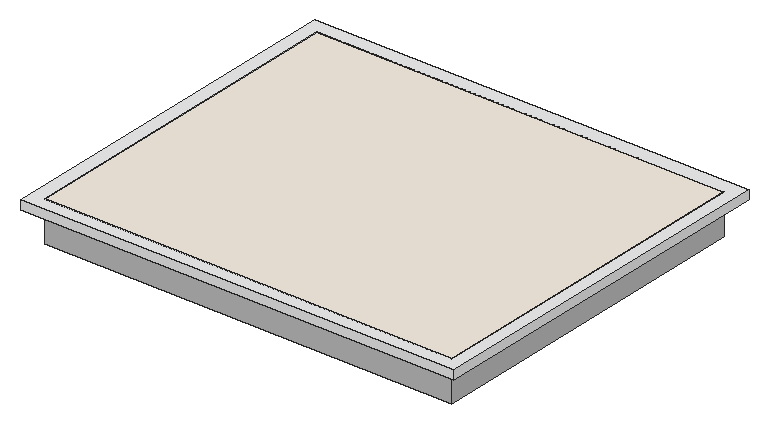
Revit family "Lighting-Industrial-GEWISS-ELIA-HL-LED_HIGHBAY", category Apparecchi per illuminazione, host Superficie, Revit 2019 (continued)
Types (12, lengths in mm): name | Weight (kg): | Weight (kg) | Voltage | Technical sheet | System power | Optic | built-in parameter 1150142 | Lumen output (lm) | Model | IDT | File diagramma fotometrico | Description
    09.03 569.08 531.25 495.72 461.89 429.42 398.39 368.73 \r\n340.25 313.14 287.05 261.20 236.47 213.52 191.84 171.45 \r\n152.32 134.63 118.17 102.77 88.40 74.87 62.33 50.81 40.41 \r\n31.11 23.21 17.09 12.44 9.16 7.02 5.71 5.34 \r\n4943.60 4943.60 4944.45 4944.45 4946.15 4947.00 4948.70 \r\n4950.40 4952.10 4953.80 4955.50 4958.90 4962.30 4964.85 \r\n4968.25 4972.50 4976.75 4981.00 4985.25 4990.35 4994.60 \r\n4999.70 5005.65 5010.75 5015.85 5020.95 5026.05 5031.15 \r\n5036.25 5041.35 5046.45 5052.40 5057.50 5063.45 5069.40 \r\n5075.35 5081.30 5087.25 5094.05 5099.15 5105.95 5112.75 \r\n5118.70 5125.50 5132.30 5138.25 5145.90 5152.70 5160.35 \r\n5167.15 5174.80 5182.45 5189.25 5196.05 5203.70 5210.50 \r\n5217.30 5223.25 5230.05 5235.15 5239.40 5244.50 5247.90 \r\n5251.30 5253.85 5254.70 5256.40 5256.40 5255.55 5254.70 \r\n5253.00 5250.45 5247.05 5242.80 5237.70 5230.90 5223.25 \r\n5213.90 5203.70 5191.80 5179.90 5165.45 5150.15 5134.00 \r\n5117.00 5099.15 5078.75 5057.50 5035.40 5010.75 4985.25 \r\n4957.20 4925.75 4893.45 4856.05 4812.70 4762.55 4708.15 \r\n4648.65 4583.20 4514.35 4443.80 4371.55 4296.75 4217.70 \r\n4132.70 4042.60 3947.40 3844.55 3736.60 3624.40 3511.35 \r\n3399.15 3288.65 3180.70 3073.60 2969.90 2870.45 2771.00 \r\n2672.40 2573.80 2477.75 2383.40 2292.45 2202.35 2114.80 \r\n2028.10 1943.10 1859.80 1778.20 1698.98 1621.29 1546.15 \r\n1472.71 1401.82 1335.01 1269.98 1204.88 1140.95 1079.59 \r\n1019.58 959.91 901.85 846.60 793.73 743.50 695.98 651.44 \r\n609.37 569.33 531.50 495.81 461.98 429.59 398.56 368.90 \r\n340.42 313.14 286.96 261.20 236.55 213.60 192.01 171.67 \r\n152.52 134.90 118.46 102.99 88.53 75.00 62.47 50.92 40.49 \r\n31.21 23.32 17.18 12.50 9.22 7.07 5.75 5.34 \r\n4943.60 4943.60 4944.45 4944.45 4946.15 4947.00 4947.85 \r\n4950.40 4952.10 4953.80 4956.35 4958.90 4962.30 4964.85 \r\n4969.10 4972.50 4976.75 4981.85 4986.10 4990.35 4996.30 \r\n5000.55 5005.65 5010.75 5015.85 5020.95 5026.05 5031.15 \r\n5036.25 5041.35 5047.30 5052.40 5058.35 5063.45 5069.40 \r\n5075.35 5081.30 5088.10 5094.05 5100.00 5105.95 5112.75 \r\n5119.55 5125.50 5132.30 5139.10 5146.75 5153.55 5161.20 \r\n5168.85 5176.50 5183.30 5190.95 5197.75 5204.55 5211.35 \r\n5218.15 5224.95 5230.90 5236.00 5241.10 5245.35 5248.75 \r\n5252.15 5254.70 5256.40 5256.40 5256.40 5256.40 5255.55 \r\n5253.85 5251.30 5247.90 5243.65 5238.55 5231.75 5224.10 \r\n5214.75 5203.70 5192.65 5179.90 5166.30 5151.00 5134.85 \r\n5117.85 5100.00 5079.60 5058.35 5036.25 5012.45 4986.95 \r\n4958.90 4927.45 4895.15 4856.90 4812.70 4763.40 4707.30 \r\n4647.80 4582.35 4513.50 4442.95 4370.70 4295.90 4217.70 \r\n4132.70 4042.60 3946.55 3844.55 3735.75 3623.55 3510.50 \r\n3397.45 3288.65 3180.70 3074.45 2969.90 2869.60 2771.00 \r\n2671.55 2573.80 2477.75 2384.25 2292.45 2203.20 2114.80 \r\n2028.10 1943.10 1859.80 1778.20 1698.56 1621.63 1546.66 \r\n1473.98 1403.69 1336.88 1271.69 1205.98 1141.55 1079.92 \r\n1019.75 959.99 901.93 846.68 793.99 743.75 696.24 651.70 \r\n609.62 569.50 531.59 495.89 461.98 429.67 398.82 368.98 \r\n340.51 313.14 286.88 261.20 236.64 213.77 192.19 171.79 \r\n152.70 135.13 118.73 103.19 88.63 75.11 62.61 51.03 40.57 \r\n31.31 23.44 17.27 12.57 9.28 7.12 5.78 5.35 \r\n4943.60 4943.60 4944.45 4945.30 4946.15 4946.15 4947.85 \r\n4949.55 4952.10 4953.80 4956.35 4958.90 4962.30 4964.85 \r\n4969.10 4973.35 4976.75 4981.85 4986.10 4991.20 4996.30 \r\n5001.40 5006.50 5011.60 5017.55 5022.65 5026.90 5032.00 \r\n5037.10 5043.05 5048.15 5053.25 5059.20 5063.45 5069.40 \r\n5075.35 5082.15 5088.10 5094.05 5100.85 5105.95 5112.75 \r\n5119.55 5126.35 5132.30 5139.10 5146.75 5155.25 5162.05 \r\n5169.70 5177.35 5185.00 5191.80 5199.45 5206.25 5213.05 \r\n5220.70 5226.65 5232.60 5236.85 5241.95 5247.05 5250.45 \r\n5253.85 5255.55 5256.40 5258.10 5258.10 5258.10 5256.40 \r\n5254.70 5253.00 5248.75 5243.65 5238.55 5232.60 5224.95 \r\n5214.75 5203.70 5192.65 5180.75 5166.30 5151.85 5134.85 \r\n5117.85 5100.85 5080.45 5059.20 5037.10 5013.30 4986.95 \r\n4959.75 4928.30 4896.00 4857.75 4812.70 4762.55 4708.15 \r\n4646.95 4581.50 4512.65 4441.25 4369.85 4295.05 4216.85 \r\n4132.70 4041.75 3946.55 3844.55 3734.90 3622.70 3509.65 \r\n3396.60 3286.95 3180.70 3074.45 2970.75 2869.60 2771.00 \r\n2672.40 2574.65 2477.75 2384.25 2292.45 2203.20 2114.80 \r\n2028.10 1943.10 1859.80 1779.05 1698.98 1621.88 1547.26 \r\n1475.26 1405.73 1338.75 1273.13 1206.83 1141.89 1080.10 \r\n1019.91 959.99 901.93 846.68 793.99 743.84 696.49 651.95 \r\n609.79 569.67 531.67 495.89 461.98 429.76 398.99 369.15 \r\n340.51 313.06 286.62 261.04 236.73 213.77 192.27 171.87 \r\n152.83 135.32 118.96 103.33 88.71 75.20 62.72 51.12 40.63 \r\n31.40 23.55 17.37 12.63 9.33 7.17 5.80 5.35 \r\n4943.60 4943.60 4944.45 4945.30 4946.15 4947.00 4947.85 \r\n4949.55 4952.10 4953.80 4956.35 4958.90 4962.30 4964.85 \r\n4969.10 4973.35 4976.75 4981.85 4986.95 4991.20 4996.30 \r\n5001.40 5006.50 5012.45 5017.55 5022.65 5027.75 5032.85 \r\n5037.95 5043.05 5048.15 5053.25 5059.20 5065.15 5069.40 \r\n5076.20 5082.15 5088.10 5094.05 5100.85 5106.80 5112.75 \r\n5119.55 5126.35 5133.15 5140.80 5147.60 5155.25 5162.90 \r\n5170.55 5177.35 5185.85 5193.50 5200.30 5207.10 5214.75 \r\n5221.55 5228.35 5233.45 5238.55 5242.80 5247.90 5251.30 \r\n5253.85 5255.55 5258.10 5258.10 5258.95 5258.10 5257.25 \r\n5255.55 5253.00 5249.60 5245.35 5239.40 5232.60 5224.10 \r\n5215.60 5204.55 5193.50 5181.60 5167.15 5151.00 5135.70 \r\n5118.70 5100.85 5081.30 5060.05 5037.95 5013.30 4987.80 \r\n4961.45 4930.00 4896.85 4858.60 4813.55 4763.40 4707.30 \r\n4646.10 4579.80 4510.95 4440.40 4369.00 4295.05 4216.85 \r\n4132.70 4041.75 3945.70 3843.70 3734.05 3621.85 3507.95 \r\n3396.60 3286.95 3180.70 3074.45 2970.75 2870.45 2771.00 \r\n2672.40 2574.65 2478.60 2384.25 2292.45 2202.35 2114.80 \r\n2028.95 1943.95 1860.65 1779.05 1699.06 1622.14 1547.77 \r\n1476.45 1407.43 1340.45 1274.40 1207.68 1142.14 1080.10 \r\n1019.91 959.91 901.68 846.51 793.90 743.84 696.41 651.87 \r\n609.88 569.67 531.67 495.81 461.89 429.76 399.08 369.24 \r\n340.51 312.88 286.45 260.95 236.64 213.77 192.27 171.96 \r\n152.91 135.47 119.15 103.45 88.74 75.26 62.81 51.19 40.68 \r\n31.48 23.67 17.46 12.69 9.38 7.20 5.83 5.36 \r\n4943.60 4943.60 4944.45 4945.30 4946.15 4947.00 4947.85 \r\n4949.55 4952.10 4953.80 4956.35 4958.90 4962.30 4965.70 \r\n4969.10 4973.35 4976.75 4981.85 4986.95 4992.05 4996.30 \r\n5001.40 5007.35 5012.45 5017.55 5022.65 5027.75 5032.85 \r\n5038.80 5043.05 5048.15 5054.10 5059.20 5065.15 5070.25 \r\n5076.20 5082.15 5088.10 5094.05 5100.85 5106.80 5112.75 \r\n5119.55 5126.35 5133.15 5140.80 5147.60 5156.10 5163.75 \r\n5171.40 5179.05 5186.70 5194.35 5202.00 5208.80 5216.45 \r\n5223.25 5229.20 5234.30 5239.40 5244.50 5248.75 5251.30 \r\n5254.70 5257.25 5258.10 5259.80 5259.80 5259.80 5258.10 \r\n5256.40 5254.70 5250.45 5245.35 5239.40 5233.45 5224.95 \r\n5215.60 5204.55 5193.50 5180.75 5167.15 5151.85 5135.70 \r\n5118.70 5100.85 5082.15 5060.90 5038.80 5015.00 4989.50 \r\n4961.45 4931.70 4898.55 4859.45 4814.40 4762.55 4706.45 \r\n4645.25 4578.95 4510.10 4440.40 4368.15 4294.20 4216.00 \r\n4131.85 4040.90 3944.85 3842.00 3734.05 3621.00 3507.95 \r\n3394.90 3286.95 3180.70 3075.30 2971.60 2870.45 2770.15 \r\n2672.40 2574.65 2478.60 2385.10 2292.45 2202.35 2114.80 \r\n2028.95 1943.95 1860.65 1779.05 1699.15 1622.22 1548.11 \r\n1477.47 1408.96 1341.89 1275.51 1208.11 1142.14 1080.01 \r\n1019.66 959.48 901.25 846.17 793.73 743.66 696.24 651.78 \r\n609.79 569.67 531.59 495.63 461.63 429.67 399.08 369.24 \r\n340.42 312.71 286.19 260.78 236.55 213.77 192.27 171.87 \r\n152.94 135.57 119.28 103.52 88.75 75.28 62.87 51.24 40.71 \r\n31.54 23.77 17.55 12.75 9.42 7.24 5.84 5.36 \r\n4943.60 4943.60 4944.45 4945.30 4946.15 4947.00 4947.85 \r\n4949.55 4951.25 4953.80 4956.35 4958.90 4962.30 4965.70 \r\n4969.95 4973.35 4977.60 4981.85 4986.95 4992.05 4997.15 \r\n5003.10 5008.20 5013.30 5018.40 5024.35 5028.60 5033.70 \r\n5038.80 5043.90 5049.00 5054.95 5059.20 5065.15 5070.25 \r\n5076.20 5082.15 5088.10 5094.05 5100.85 5107.65 5112.75 \r\n5120.40 5126.35 5133.15 5141.65 5148.45 5156.10 5163.75 \r\n5172.25 5179.90 5187.55 5195.20 5202.85 5209.65 5217.30 \r\n5224.10 5230.05 5236.00 5240.25 5245.35 5248.75 5253.00 \r\n5255.55 5257.25 5259.80 5260.65 5260.65 5260.65 5258.95 \r\n5257.25 5254.70 5250.45 5246.20 5240.25 5233.45 5224.95 \r\n5215.60 5205.40 5193.50 5180.75 5166.30 5151.85 5136.55 \r\n5119.55 5100.85 5082.15 5061.75 5038.80 5015.85 4990.35 \r\n4963.15 4932.55 4899.40 4860.30 4815.25 4763.40 4705.60 \r\n4644.40 4578.10 4509.25 4439.55 4368.15 4294.20 4216.85 \r\n4131.00 4040.90 3944.00 3842.00 3732.35 3620.15 3507.10 \r\n3394.90 3286.95 3180.70 3075.30 2972.45 2870.45 2771.00 \r\n2672.40 2574.65 2479.45 2385.10 2292.45 2202.35 2113.95 \r\n2028.95 1943.95 1860.65 1779.90 1699.32 1622.39 1548.53 \r\n1478.32 1410.23 1342.91 1276.19 1208.36 1142.06 1079.59 \r\n1019.15 958.97 900.75 845.75 793.30 743.33 695.98 651.53 \r\n609.53 569.41 531.42 495.38 461.38 429.50 399.08 369.15 \r\n340.25 312.46 285.86 260.52 236.38 213.69 192.19 171.87 \r\n152.91 135.60 119.35 103.55 88.71 75.28 62.91 51.26 40.73 \r\n31.60 23.88 17.63 12.80 9.46 7.26 5.86 5.36 \r\n4943.60 4943.60 4944.45 4945.30 4946.15 4947.00 4947.85 \r\n4949.55 4951.25 4953.80 4956.35 4958.90 4962.30 4965.70 \r\n4969.95 4973.35 4978.45 4982.70 4987.80 4992.90 4998.00 \r\n5003.10 5008.20 5013.30 5019.25 5024.35 5029.45 5034.55 \r\n5039.65 5044.75 5049.85 5054.95 5060.05 5065.15 5070.25 \r\n5076.20 5082.15 5088.10 5094.90 5100.85 5107.65 5113.60 \r\n5120.40 5127.20 5134.85 5141.65 5148.45 5156.95 5164.60 \r\n5173.10 5181.60 5189.25 5196.05 5204.55 5211.35 5219.00 \r\n5224.95 5231.75 5236.85 5241.95 5246.20 5250.45 5253.85 \r\n5256.40 5258.10 5259.80 5260.65 5261.50 5260.65 5259.80 \r\n5258.10 5254.70 5252.15 5246.20 5240.25 5233.45 5225.80 \r\n5215.60 5205.40 5193.50 5181.60 5167.15 5151.85 5136.55 \r\n5119.55 5101.70 5083.00 5061.75 5039.65 5016.70 4990.35 \r\n4964.00 4935.10 4900.25 4861.15 4815.25 4764.25 4706.45 \r\n4643.55 4577.25 4508.40 4438.70 4366.45 4293.35 4216.00 \r\n4131.00 4040.05 3943.15 3841.15 3732.35 3620.15 3506.25 \r\n3393.20 3285.25 3180.70 3075.30 2971.60 2870.45 2771.00 \r\n2672.40 2575.50 2479.45 2385.95 2292.45 2202.35 2113.95 \r\n2028.10 1943.95 1860.65 1779.90 1699.15 1622.65 1548.79 \r\n1478.91 1411.17 1343.68 1276.62 1208.36 1141.55 1078.99 \r\n1018.55 958.29 899.98 845.07 792.71 742.73 695.55 651.18 \r\n609.20 568.99 531.00 495.04 461.04 429.25 398.90 368.98 \r\n340.08 312.12 285.52 260.27 236.22 213.52 192.10 171.78 \r\n152.83 135.56 119.36 103.50 88.62 75.23 62.91 51.26 40.73 \r\n31.65 23.95 17.70 12.85 9.49 7.28 5.86 5.36 \r\n4943.60 4943.60 4944.45 4945.30 4945.30 4947.00 4947.85 \r\n4949.55 4951.25 4953.80 4956.35 4959.75 4962.30 4966.55 \r\n4969.95 4973.35 4978.45 4982.70 4987.80 4992.90 4998.00 \r\n5003.10 5008.20 5014.15 5019.25 5024.35 5029.45 5034.55 \r\n5039.65 5044.75 5049.85 5054.95 5060.05 5066.00 5070.25 \r\n5076.20 5082.15 5088.10 5094.05 5100.00 5106.80 5113.60 \r\n5120.40 5127.20 5134.00 5141.65 5149.30 5157.80 5165.45 \r\n5173.95 5181.60 5189.25 5197.75 5204.55 5212.20 5219.00 \r\n5225.80 5231.75 5237.70 5241.95 5247.05 5250.45 5253.85 \r\n5256.40 5258.95 5259.80 5261.50 5262.35 5260.65 5259.80 \r\n5258.10 5254.70 5251.30 5246.20 5240.25 5233.45 5224.95 \r\n5215.60 5205.40 5193.50 5180.75 5167.15 5151.00 5135.70 \r\n5119.55 5101.70 5083.00 5061.75 5039.65 5016.70 4991.20 \r\n4964.85 4935.95 4901.10 4862.00 4816.10 4765.10 4707.30 \r\n4644.40 4577.25 4508.40 4437.85 4366.45 4292.50 4215.15 \r\n4130.15 4039.20 3942.30 3840.30 3731.50 3620.15 3507.10 \r\n3394.05 3286.10 3180.70 3076.15 2973.30 2871.30 2771.85 \r\n2672.40 2575.50 2481.15 2386.80 2294.15 2203.20 2115.65 \r\n2028.95 1944.80 1862.35 1779.90 1700.34 1623.24 1548.87 \r\n1478.23 1409.72 1341.81 1274.57 1206.32 1139.60 1077.03 \r\n1016.60 956.42 898.11 843.12 790.84 741.03 693.94 649.66 \r\n607.75 567.80 529.80 493.94 460.02 428.40 398.06 368.22 \r\n339.40 311.61 285.00 259.68 235.53 213.01 191.76 171.45 \r\n152.34 135.06 118.88 103.09 88.28 74.95 62.70 51.10 40.62 \r\n31.59 23.95 17.73 12.89 9.50 7.26 5.84 5.35 \r\n4943.60 4943.60 4944.45 4945.30 4945.30 4947.00 4947.85 \r\n4949.55 4951.25 4953.80 4956.35 4959.75 4962.30 4966.55 \r\n4969.95 4973.35 4978.45 4983.55 4987.80 4992.90 4998.00 \r\n5003.95 5009.90 5015.00 5020.10 5024.35 5029.45 5035.40 \r\n5040.50 5044.75 5049.85 5054.95 5060.05 5066.00 5070.25 \r\n5076.20 5081.30 5088.10 5094.05 5100.00 5106.80 5113.60 \r\n5120.40 5127.20 5134.00 5141.65 5149.30 5157.80 5165.45 \r\n5174.80 5182.45 5190.95 5197.75 5206.25 5213.05 5220.70 \r\n5227.50 5233.45 5238.55 5243.65 5247.05 5251.30 5254.70 \r\n5257.25 5258.95 5261.50 5261.50 5262.35 5261.50 5259.80 \r\n5258.10 5254.70 5251.30 5246.20 5239.40 5231.75 5224.95 \r\n5214.75 5203.70 5192.65 5180.75 5166.30 5151.00 5135.70 \r\n5118.70 5100.85 5082.15 5061.75 5039.65 5016.70 4992.90 \r\n4966.55 4935.95 4901.95 4862.85 4816.95 4765.95 4708.15 \r\n4645.25 4577.25 4506.70 4437.00 4365.60 4292.50 4214.30 \r\n4128.45 4037.50 3940.60 3838.60 3731.50 3621.00 3507.95 \r\n3394.90 3286.95 3180.70 3076.15 2974.15 2872.15 2772.70 \r\n2674.10 2576.35 2481.15 2386.80 2294.15 2204.05 2115.65 \r\n2029.80 1944.80 1862.35 1780.75 1700.85 1623.76 1548.79 \r\n1477.30 1407.86 1339.60 1272.11 1203.94 1137.38 1074.91 \r\n1014.47 954.29 896.16 841.08 788.72 739.16 692.24 648.04 \r\n606.22 566.27 528.45 492.75 459.00 427.30 397.12 367.37 \r\n338.64 310.93 284.41 259.00 234.94 212.59 191.42 171.02 \r\n151.80 134.50 118.35 102.62 87.89 74.65 62.47 50.93 40.49 \r\n31.54 23.94 17.75 12.92 9.51 7.24 5.82 5.35 \r\n4943.60 4943.60 4943.60 4945.30 4945.30 4947.00 4947.85 \r\n4949.55 4951.25 4953.80 4956.35 4959.75 4963.15 4966.55 \r\n4969.95 4974.20 4978.45 4983.55 4988.65 4993.75 4998.85 \r\n5004.80 5009.90 5015.00 5020.10 5025.20 5031.15 5036.25 \r\n5041.35 5045.60 5049.85 5054.95 5060.90 5066.00 5071.10 \r\n5077.05 5082.15 5088.10 5094.05 5100.85 5106.80 5113.60 \r\n5119.55 5127.20 5134.00 5142.50 5149.30 5157.80 5166.30 \r\n5174.80 5183.30 5190.95 5199.45 5206.25 5213.90 5220.70 \r\n5227.50 5233.45 5238.55 5243.65 5247.90 5252.15 5254.70 \r\n5257.25 5259.80 5261.50 5262.35 5262.35 5261.50 5259.80 \r\n5258.10 5254.70 5250.45 5245.35 5239.40 5231.75 5223.25 \r\n5214.75 5203.70 5192.65 5179.05 5166.30 5151.00 5134.85 \r\n5117.85 5100.85 5081.30 5060.90 5039.65 5017.55 4992.90 \r\n4966.55 4936.80 4902.80 4863.70 4817.80 4766.80 4709.85 \r\n4646.10 4578.10 4507.55 4437.00 4365.60 4291.65 4214.30 \r\n4128.45 4036.65 3938.90 3837.75 3730.65 3621.85 3508.80 \r\n3395.75 3287.80 3181.55 3077.00 2973.30 2872.15 2772.70 \r\n2674.10 2577.20 2482.00 2388.50 2295.85 2204.90 2116.50 \r\n2030.65 1944.80 1862.35 1780.75 1702.55 1624.35 1548.79 \r\n1476.19 1405.73 1337.13 1269.56 1201.47 1135.09 1072.62 \r\n1012.26 952.25 894.03 839.03 786.67 737.21 690.46 646.34 \r\n604.61 564.83 527.17 491.56 457.89 426.27 396.10 366.44 \r\n337.88 310.33 283.90 258.40 234.26 212.07 191.08 170.51 \r\n151.23 133.92 117.78 102.13 87.49 74.32 62.22 50.74 40.37 \r\n31.47 23.92 17.77 12.95 9.52 7.22 5.79 5.34 \r\n4943.60 4943.60 4943.60 4945.30 4945.30 4947.00 4947.85 \r\n4949.55 4951.25 4953.80 4956.35 4959.75 4962.30 4966.55 \r\n4969.95 4974.20 4978.45 4983.55 4988.65 4993.75 4998.85 \r\n5004.80 5009.90 5015.00 5020.10 5026.05 5031.15 5036.25 \r\n5041.35 5046.45 5050.70 5055.80 5060.90 5066.00 5071.10 \r\n5077.05 5082.15 5088.10 5094.05 5100.85 5105.95 5112.75 \r\n5119.55 5126.35 5134.85 5141.65 5150.15 5158.65 5166.30 \r\n5174.80 5184.15 5192.65 5199.45 5207.95 5214.75 5221.55 \r\n5228.35 5234.30 5239.40 5244.50 5248.75 5253.00 5255.55 \r\n5258.10 5259.80 5261.50 5262.35 5262.35 5261.50 5259.80 \r\n5258.10 5254.70 5250.45 5245.35 5237.70 5230.90 5223.25 \r\n5213.05 5202.85 5190.95 5179.05 5164.60 5150.15 5134.85 \r\n5117.85 5100.00 5081.30 5060.90 5039.65 5017.55 4992.90 \r\n4967.40 4938.50 4903.65 4864.55 4818.65 4767.65 4709.85 \r\n4646.95 4578.95 4507.55 4437.00 4364.75 4291.65 4212.60 \r\n4126.75 4034.10 3938.05 3836.90 3730.65 3622.70 3509.65 \r\n3397.45 3288.65 3181.55 3077.00 2974.15 2873.00 2773.55 \r\n2674.95 2577.20 2482.00 2389.35 2296.70 2205.75 2117.35 \r\n2030.65 1945.65 1862.35 1781.60 1702.55 1624.86 1548.62 \r\n1475.01 1403.61 1334.59 1266.84 1198.93 1132.80 1070.40 \r\n1010.05 950.13 891.99 836.83 784.55 735.25 688.67 644.55 \r\n602.91 563.29 525.73 490.28 456.79 425.25 395.08 365.58 \r\n337.02 309.74 283.39 257.81 233.58 211.56 190.66 170.10 \r\n150.65 133.31 117.21 101.63 87.08 
